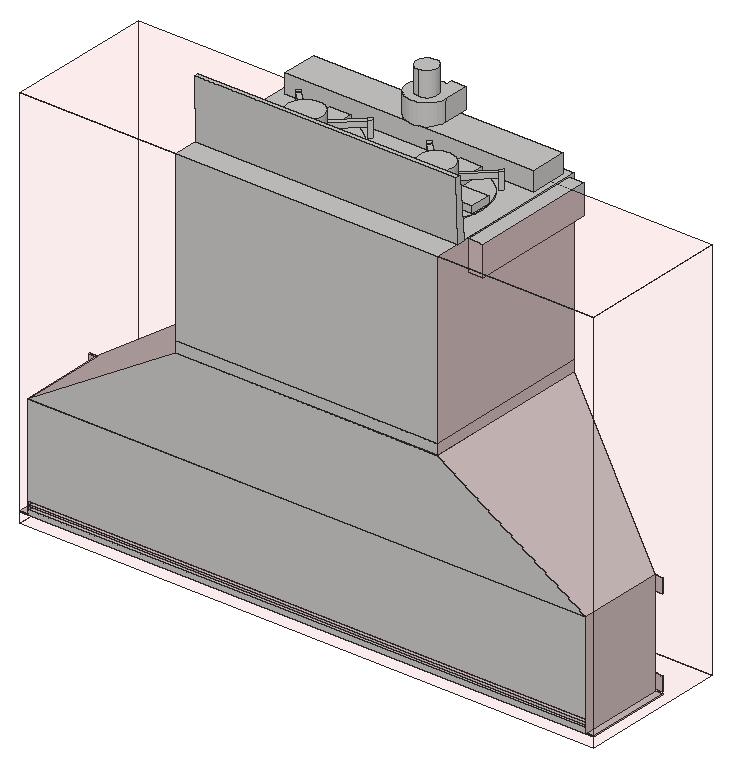
Revit family "Air-Curtain_Climate-Control_PoweredAire_TIG-1Heater", category Mechanical Equipment, host Face, Revit 2026
Family settings
  Host = Face
  Round Connector Dimension = Use Diameter
  Part Type = Normal
  Classification Number = 23.75.35.17.21
  Cut with Voids When Loaded = No
  Maintain Annotation Orientation = No
  Shared = No
  Room Calculation Point = No
Parameters (values of type "108'' Nozzle")
  upperrotation [instance] = 0.00°
  lowerrotation [instance] = 0.00°
  locateupperpipe [instance] = 0' - 0"
  locatelowerpipe [instance] = 0' - 0"
  Warranty Duration (Years) = 0
  Unit Width Notes = "Other Widths available."  # constant formula
  Unit Width = 9' - 3 5/32"
  Unit Weight = 640
  Unit Height = 1' - 4 3/4"
  Unit Depth = 1' - 8 1/4"
  URL = "http://www.poweredaire.com/"
  Test Data = ""
  Standards Conformance = "ETL  ;  Made in USA"
  Specification = "http://www.arcat.com/sdspecs/htm04/23_34_33pai.htm"
  SpecWizard = ""
  Sound Pressure = ">63 dBA"
  Sales Information = "http://www.poweredaire.com/contact_us"
  Revision = "R1_2016-08"
  Projection from Host [instance] = 0' - 2"
  Product Properties = ""
  Product Data = "http://www.arcat.com/arcatcos/cos47/arc47623.html"
  Power Rating = 0 W
  Piping_Water Flow [instance] = 0 GPM
  Piping_Operating Pressure [instance] = 0.00 psi
  Piping_Exit Temperature [instance] = 0 °F
  Piping_Entry Temperature [instance] = 0 °F
  Pipe OD [instance] = 5/8"
  Overall Depth = 6' - 0 3/4"
  Nozzle Width = if(1 = 1, Unit Width - 0' 3", 0' 0")  # 9' - 0 5/32"
  Mounting Width = if(1 = 1, Unit Width - 0' 1 1/2", 0' 0")  # 9' - 1 21/32"
  Mounting Height [instance] = 3' - 6"
  Motor RPM = 1630
  Motor HP = 0.75
  Motor Count = 3
  Model = "TIG-3-108"
  Max Height = 12' - 0"
  Manufacturer Website = "http://www.poweredaire.com/"
  Manufacturer Phone - Toll Free = "888-321-2473"
  Manufacturer Phone = "724-588-3305"
  Manufacturer Fax = "724-588-3371"
  Manufacturer Address = "109 Mortensen Rd.  Greenville, PA 16125"
  Manufacturer = "Powered Aire, Inc"
  Maintenance Schedule (Months) = 0
  Keynote = "23 34 33"
  Installation-Fabrication = ""
  Installation Phase = ""
  Include Clearance [instance] = yes
  Heating Element Load = 0 W
  Heater Weight = 0
  Heater Hanging Width = 4' - 0 5/8"
  Heater Finish [instance] = Metal - Steel - PoweredAire - Stainless 304
  HVAC_Temperature Rise = 34 °F
  HVAC_Primary CFM = 0 CFM
  HVAC_Outlet Volume = 7600 CFM
  HVAC_Outlet Velocity Uniformity = 0.92
  HVAC_Outlet Velocity = 3700 FPM
  HVAC_Exit Temperature [instance] = 0 °F
  HVAC_BTU Output = 280000.0 Btu/h
  HVAC_BTU Input = 105000.0 Btu/h
  Green Building-LEED = "http://www.arcat.com/green/clients/leed_data_47623.html"
  Gas Connection Diameter [instance] = 0"
  Frame Finish [instance] = Metal - Steel - PoweredAire - Stainless 304
  Expected Lifespan (Years) = 0
  Exhaust Connection Diameter = 0' - 6"
  Electrical_Wattage [instance] = Power Rating + Heating Element Load  # 0 W
  Electrical_Voltage [instance] = 0 V
  Electrical_Phase [instance] = 1
  Electrical_Frequency [instance] = 0 Hz
  Electrical_Amperage [instance] = 0 A
  Drawn By = "Sumex Design, Inc. / Robert S. Weygant, CSI, CDT, SCIP"
  Description = "Powered Aire Indirect Gas Heated Climate Control Air Curtain - TIG-3-108 as Specified"
  Default Elevation = 0' - 0"  # constant formula
  Copyright = "©Arcat Inc."
  Construction Details = "http://www.arcat.com/details/powair/prod3336.html"
  Clearance_Top [instance] = 1' - 0"
  Clearance_Side B [instance] = 0' - 0"
  Clearance_Side A [instance] = 0' - 0"
  Clearance_Intake [instance] = 0' - 0"
  Clearance_Bottom [instance] = 0' - 0"
  Clearance Material [instance] = ARCAT Clearance
  Building Codes = ""
  Available Options [instance] = "as Specified"
  Assembly Code = "D3090400"
Types (7): name | Unit Width | Unit Weight | Sound Pressure | Nozzle Width | Mounting Width | Motor Count | Model | Heater Hanging Width | HVAC_Temperature Rise | HVAC_Outlet Volume | HVAC_Outlet Velocity Uniformity | HVAC_Outlet Velocity | HVAC_BTU Output | HVAC_BTU Input | Exhaust Connection Diameter | Description
  108'' Nozzle | 9' - 3 5/32" | 640 | ">63 dBA" | 9' - 0 5/32" | 9' - 1 21/32" | 3 | "TIG-3-108" | 4' - 0 5/8" | 34 °F | 7600 CFM | 0.92 | 3700 FPM | 280000.0 Btu/h | 105000.0 Btu/h | 0' - 6" | "Powered Aire Indirect Gas Heated Climate Control Air Curtain - TIG-3-108 as Specified"
  96'' Nozzle | 8' - 3 1/16" | 570 | ">63 dBA" | 8' - 0 1/16" | 8' - 1 9/16" | 2 | "TIG-2-96" | 2' - 6 5/8" | 36 °F | 5100 CFM | 0.92 | 2800 FPM | 200000.0 Btu/h | 50000.0 Btu/h | 0' - 5" | "Powered Aire Indirect Gas Heated Climate Control Air Curtain - TIG-2-96 as Specified"
  84'' Nozzle | 7' - 3 1/16" | 530 | ">63 dBA" | 7' - 0 1/16" | 7' - 1 9/16" | 2 | "TIG-2-84" | 2' - 6 5/8" | 37 °F | 5100 CFM | 0.93 | 3200 FPM | 200000.0 Btu/h | 50000.0 Btu/h | 0' - 5" | "Powered Aire Indirect Gas Heated Climate Control Air Curtain - TIG-2-84 as Specified"
  72'' Nozzle | 6' - 3 1/16" | 500 | ">63 dBA" | 6' - 0 1/16" | 6' - 1 9/16" | 2 | "TIG-2-72" | 2' - 6 5/8" | 36 °F | 5100 CFM | 0.95 | 3700 FPM | 200000.0 Btu/h | 50000.0 Btu/h | 0' - 5" | "Powered Aire Indirect Gas Heated Climate Control Air Curtain - TIG-2-72 as Specified"
  60'' Nozzle | 5' - 3" | 340 | "63 dBA" | 5' - 0" | 5' - 1 1/2" | 1 | "TIG-1-60" | 1' - 6 5/8" | 44 °F | 2500 CFM | 0.91 | 2200 FPM | 120000.0 Btu/h | 150000.0 Btu/h | 0' - 5" | "Powered Aire Indirect Gas Heated Climate Control Air Curtain - TIG-1-60 as Specified"
  48'' Nozzle | 4' - 3" | 280 | "63 dBA" | 4' - 0" | 4' - 1 1/2" | 1 | "TIG-1-48" | 1' - 6 5/8" | 43 °F | 2600 CFM | 0.92 | 2800 FPM | 120000.0 Btu/h | 150000.0 Btu/h | 0' - 5" | "Powered Aire Indirect Gas Heated Climate Control Air Curtain - TIG-1-48 as Specified"
  36'' Nozzle | 3' - 3" | 250 | "63 dBA" | 3' - 0" | 3' - 1 1/2" | 1 | "TIG-1-36" | 1' - 6 5/8" | 44 °F | 2500 CFM | 0.95 | 3700 FPM | 120000.0 Btu/h | 150000.0 Btu/h | 0' - 5" | "Powered Aire Indirect Gas Heated Climate Control Air Curtain - TIG-1-36 as Specified"
Reference planes (in)
  plane 1 "Center (Elevation)": y = 0.13818
  plane 2: z = 0
  plane 3 "Center (Left/Right)": x = 0
  plane 4 "Top": y = 8.51318
  plane 5: y = -8.23682
  plane 6: x = -55.57812
  plane 7: x = 55.57813
  plane 8 "Front": z = 22.25
  plane 9 "FF": y = -41.86182
  plane 10: z = 2
  plane 11: x = 54.07813
  plane 12: x = -54.07812
  plane 13: y = 20.51318
  plane 14: y = -8.23682
  plane 15: x = -55.57812
  plane 16: x = 55.57813
  plane 17: z = 74.75
  plane 18: x = 54.01563
  plane 19: x = -54.01562
  plane 20: x = 54.07813
  plane 21: x = 54.07813
  plane 22: y = 6.01318
  plane 23: y = -5.73682
  plane 24: x = -24.3125
  plane 25: x = 24.3125
  plane 26: x = -25.375
  plane 27: x = 25.375
  plane 28: z = 74.75
  plane 29: z = 42.25
  plane 30: z = 40.25
Forms (in)
  Extrusion 1, solid, material "Metal - Steel - PoweredAire - Stainless 304" <- "Frame Finish"
    sketch origin (0, 0, 0) x (0, 1, 0) y (0, 0, 1)
      loop
        line (-8.23682, 2) -> (8.51318, 2) -> (8.51318, 22.25) -> (-8.23682, 22.25) -> (-8.23682, 2)
    from -54.07812 to 54.07812
  Extrusion 2, solid, material "ARCAT Clearance" <- "Clearance Material", visible <- "Include Clearance"
    sketch origin (0, 0, 0) x (0, 1, 0) y (0, 0, 1)
      loop
        line (-8.23682, 74.75) -> (-8.23682, 0) -> (20.51318, 0) -> (20.51318, 74.75) -> (-8.23682, 74.75)
    from -55.57812 to 55.57812
  Extrusion 3, solid, material "Metal - Steel - PoweredAire - Stainless 304" <- "Frame Finish"
    sketch origin (-15.17702, -180, 2) x (-1, 0, 0) y (0, -1, 0)
      loop
        line (-69.25515, -188.51318) -> (-69.25515, -171.76318) -> (-70.75515, -171.76318) -> (-70.75515, -188.51318) -> (-69.25515, -188.51318)
      loop
        line (38.9011, -188.51318) -> (40.4011, -188.51318) -> (40.4011, -171.76318) -> (38.9011, -171.76318) -> (38.9011, -188.51318)
    from 0 to 0.125
  Extrusion 4, solid, material "Metal - Steel - PoweredAire - Stainless 304" <- "Frame Finish"
    sketch origin (-11.83813, 8.51318, 48) x (-1, 0, 0) y (0, 0, 1)
      loop
        line (-65.91625, -45.5) -> (-65.91625, -42.75) -> (-67.41625, -42.75) -> (-67.41625, -45.5) -> (-65.91625, -45.5)
      loop
        line (-65.91625, -28.5) -> (-65.91625, -25.75) -> (-67.41625, -25.75) -> (-67.41625, -28.5) -> (-65.91625, -28.5)
      loop
        line (42.24, -45.5) -> (43.74, -45.5) -> (43.74, -42.75) -> (42.24, -42.75) -> (42.24, -45.5)
      loop
        line (42.24, -28.5) -> (43.74, -28.5) -> (43.74, -25.75) -> (42.24, -25.75) -> (42.24, -28.5)
    from 0 to -0.125
  Extrusion 5, void
    sketch origin (0, 0, 0) x (0, 1, 0) y (0, 0, 1)
      loop
        line (-8.23682, 3) -> (-7.23682, 3) -> (-7.23682, 4.5) -> (-8.23682, 4.5) -> (-8.23682, 3.82425) -> (-7.38364, 3.82425) -> (-7.38364, 3.57425) -> (-8.23682, 3.57425) -> (-8.23682, 3)
    from -54.01562 to 54.01562
  Blend 6, solid, material "Metal - Steel - PoweredAire - Stainless 304" <- "Frame Finish"
    base sketch origin (-15.17702, -180, 22.25) x (-1, 0, 0) y (0, -1, 0)
      loop
        line (38.9011, -188.51318) -> (38.9011, -171.76318) -> (-69.25515, -171.76318) -> (-69.25515, -188.51318) -> (38.9011, -188.51318)
    top sketch origin (-15.17702, -180, 22.25) x (-1, 0, 0) y (0, -1, 0)
      loop
        line (10.19798, -171.76318) -> (-40.55202, -171.76318) -> (-40.55202, -204.76318) -> (10.19798, -204.76318) -> (10.19798, -171.76318)
    from 0 to 18
Cuts and joins
  Extrusion 5 cuts Extrusion 1
Dimensions and locks (in)
  equal spacing: plane 4 "Top", plane 1 "Center (Elevation)", plane 5
  "Unit Height": plane 4 "Top" to plane 5
  equal spacing: plane 6, plane 3 "Center (Left/Right)", plane 7
  "Unit Width": plane 6 to plane 7
  "Mounting Height": plane 1 "Center (Elevation)" to plane 9 "FF"
  "Projection from Host": plane 10 to level
  "Unit Depth": plane 8 "Front" to plane 10
  locked: plane 6 to plane 12 at 1.5
  locked: plane 11 to plane 7 at 1.5
  "Clearance_Side A": plane 7 to plane 16
  "Clearance_Side B": plane 15 to plane 6
  "Clearance_Top": plane 13 to plane 4 "Top"
  "Clearance_Bottom": plane 5 to plane 14
  "Clearance_Intake": plane 17 to plane 28
  Extrusion 5 sketch curve to Extrusion 5 sketch curve to Extrusion 5 sketch curve to Extrusion 5 sketch curve to plane 10 = 0' - 0.67575" locked, 0' - 0 1/4" locked, 0' - 0.57425" locked, 0' - 1" locked
  plane 5 to Extrusion 5 sketch curve to Extrusion 5 sketch curve = 0' - 0.85319" locked, 0' - 0.14681" locked
  locked: plane 19 to plane 12 at 0.0625
  locked: plane 11 to plane 18 at 0.0625
  "locateupperpipe": plane 20 to plane 11
  "locatelowerpipe": plane 21 to plane 11
  locked: plane 4 "Top" to plane 22 at 2.5
  locked: plane 23 to plane 5 at 2.5
  equal spacing: plane 24, plane 3 "Center (Left/Right)", plane 25
  "Heater Hanging Width": plane 24 to plane 25
  locked: plane 25 to plane 27 at 1.0625
  locked: plane 26 to plane 24 at 1.0625
  "Overall Depth": plane 28 to plane 10
  locked: plane 29 to plane 30 at 2
  locked: plane 28 to plane 29 at 32.5
  locked: Blend 6 sketch curve to plane 5 at 33
  Extrusion 4 sketch curve to Extrusion 4 sketch curve to plane 10 = 0' - 2 3/4" locked, 0' - 0 1/2" locked  (x2)
  plane 8 "Front" to Extrusion 4 sketch curve to Extrusion 4 sketch curve = 0' - 0" locked, 0' - 2 3/4" locked  (x2)
  aligned and locked: plane 2 to host face
  aligned and locked: level to host face
  aligned and locked: Extrusion 2 sketch curve to plane 17
  aligned and locked: plane 14 to Extrusion 2 sketch curve
  aligned and locked: level to Extrusion 2 sketch curve
  aligned and locked: Extrusion 2 sketch curve to plane 13
  aligned and locked: plane 16 to Extrusion 2
  aligned and locked: Extrusion 2 to plane 15
  aligned and locked: plane 11 to Extrusion 1
  aligned and locked: Extrusion 1 to plane 12
  aligned and locked: Extrusion 1 sketch curve to plane 8 "Front"
  aligned and locked: plane 28 to nested 1
  aligned and locked: Blend 6 sketch curve to plane 5  (x2)
  aligned and locked: plane 12 to Blend 6 sketch curve
  aligned and locked: Blend 6 sketch curve to plane 11
  aligned and locked: Blend 6 sketch curve to plane 4 "Top"
  aligned and locked: Blend 6 sketch curve to plane 26
  aligned and locked: plane 27 to Blend 6 sketch curve
  aligned and locked: plane 30 to Blend 6
  aligned and locked: plane 3 "Center (Left/Right)" to nested 1
  aligned and locked: plane 18 to cut or joined group of Extrusion 1, Extrusion 5
  aligned and locked: cut or joined group of Extrusion 1, Extrusion 5 to plane 19
Automatic sketch dimensions
  host sketch curve to host sketch curve = 8' - 0"  (x2)
  plane 4 "Top" to Extrusion 3 sketch curve = 0' - 0"
  Extrusion 3 sketch curve to plane 7 = 0' - 0"
  plane 5 to Extrusion 3 sketch curve = 0' - 0"
  Extrusion 3 sketch curve to plane 11 = 0' - 0"
  Extrusion 3 sketch curve to plane 4 "Top" = 0' - 0"
  Extrusion 3 sketch curve to plane 12 = 0' - 0"
  Extrusion 3 sketch curve to plane 6 = 0' - 0"
  Extrusion 3 sketch curve to plane 5 = 0' - 0"
  Extrusion 4 sketch curve to plane 7 = 0' - 0"  (x2)
  Extrusion 4 sketch curve to plane 11 = 0' - 0"  (x2)
  Extrusion 4 sketch curve to plane 12 = 0' - 0"  (x2)
  Extrusion 4 sketch curve to plane 6 = 0' - 0"  (x2)
  Extrusion 5 sketch curve to plane 5 = 0' - 0"  (x2)
  Extrusion 1 sketch curve to plane 5 = 0' - 0"
  Extrusion 1 sketch curve to plane 4 "Top" = 0' - 0"
  Extrusion 1 sketch curve to plane 10 = 0' - 0"
Nested families (in)
  nested 1: "Heater" at (0, -8.23682, 42.2987) x (1, 0, 0) z (0, 1, 0), finish <- "Heater Finish", burner width <- "Heater Hanging Width", type "Heater"
    with finish Metal - Steel - PoweredAire - Stainless 304, burner width 4' - 0 5/8", Two Fan yes, One Fan no
Connectors (in)
  electrical at (-54.07812, 0.13818, 12.125), driven by "Electrical_Voltage", driven by "Electrical_Phase"
    settings: on cut or joined group of Extrusion 1, Extrusion 5, index 3, voltage 0 V, apparent load 0 VA, apparent load phase1 0 VA, apparent load phase2 0 VA, apparent load phase3 0 VA, power factor 1, load classification "Motor", number of poles 1, system type 31, power factor state 1, is connector primary yes, connector utility no, sub classification motor no, connector description ""
  hvac at (3, 24.76318, 80.40625), driven by "Exhaust Connection Diameter", driven by "HVAC_Primary CFM"
    settings: on nested 1, index 4, duct flow 0 CFM, flow factor 0, pres drop 0.00 in-wg, loss coef 0, conn angle 0.00°, conn width 12", conn height 12", conn diameter 6", duct sys type 3, conn prof type 0, flow config 0, flow direction 2, loss method 0, conn ref index -1, conn util no, is conn primary yes, conn desc ""
Definition of nested family "Heater"
  Parameters
    finish [instance] = none
    burner width [instance] = 4' - 0 5/8"
    burner depth = 3' - 8 3/4"
    Two Fan [instance] = burner width > 4' 0"  # yes
    One Fan [instance] = burner width < 4' 0"  # no
    Default Elevation = 0' - 0"  # constant formula
  Reference planes (in)
    plane 1 "Center (Front/Back)": y = 0
    plane 2: z = 0
    plane 3 "Center (Left/Right)": x = 0
    plane 4: x = -25.375
    plane 5: x = 25.375
    plane 6: z = 33
    plane 7: y = -44.75
    plane 8: x = 3
    plane 9: x = 4.375
    plane 10: x = -12.6875
    plane 11: x = 12.6875
    plane 12: z = 15.5
    plane 13: x = -24.3125
    plane 14: x = 24.3125
  Forms (in)
    Extrusion 1, solid, material <- "finish"
      sketch origin (-74.94554, -3, 38.65968) x (0, 0, 1) y (1, 0, 0)
        loop
          line (-5.65968, 49.57054) -> (-5.65968, 100.32054) -> (-38.65968, 100.32054) -> (-38.65968, 49.57054) -> (-5.65968, 49.57054)
      from 3 to -29.4513
    Extrusion 2, solid, material <- "finish"
      sketch origin (0, 0, 0) x (0, 1, 0) y (0, 0, 1)
        loop
          line (2, 0) -> (2, 33) -> (0, 33) -> (0, 0) -> (2, 0)
      from -25.375 to 25.375
    Extrusion 3, solid, material <- "finish"
      sketch origin (-74.94554, -32.4513, 38.65968) x (0, 0, 1) y (1, 0, 0)
        loop
          line (-6.91591, 50.82971) -> (-6.91591, 99.10844) -> (-13.91591, 99.10844) -> (-13.91591, 50.82971) -> (-6.91591, 50.82971)
      from 0 to -3.625
    Extrusion 4, solid, material <- "finish"
      sketch origin (-74.94554, -36.0763, 38.65968) x (0, 0, 1) y (1, 0, 0)
        loop
          arc (-10.4052, 79.32054) -> (-12.67312, 72.60509) -> (-6.79809, 76.57054) r 3.74068
          line (-6.79809, 76.57054) -> (-5.65968, 76.57054) -> (-5.65968, 79.32054) -> (-10.4052, 79.32054)
      from 0 to -4.0625
    Extrusion 5, solid, material <- "finish"
      sketch origin (-73.58006, -40.1388, 35.52564) x (0, 0, -1) y (1, 0, 0)
        loop
          circle (7.27116, 74.21438) r 2
      from 4.6112 to 0
    Extrusion 6, solid, material <- "finish"
      sketch origin (0, 0, 0) x (1, 0, 0) y (0, 1, 0)
        loop
          line (28.3125, -32.4513) -> (28.3125, -26.7013) -> (25.3125, -26.7013) -> (25.3125, -32.4513) -> (28.3125, -32.4513)
      from 7.25 to 31.75
    Extrusion 7, solid, material <- "finish", visible <- "Two Fan"
      sketch origin (0, 0, 0) x (0, 1, 0) y (0, 0, 1)
        loop
          line (-32.4513, 6.22268) -> (-44.15658, 5.1986) -> (-44.15658, 4.4486) -> (-32.4513, 4.85736) -> (-32.4513, 6.22268)
      from -25.375 to 25.375
  Dimensions and locks (in)
    locked: Extrusion 4 sketch curve to Extrusion 4 sketch curve at 2.75
    "burner width": plane 13 to plane 14
    locked: plane 6 to level at 33
    "burner depth": plane 7 to plane 1 "Center (Front/Back)"
    locked: plane 8 to plane 9 at 1.375
    Extrusion 4 sketch curve to Extrusion 4 sketch curve to plane 8 = 0' - 0.99068" locked, 0' - 1 3/8" locked
    locked: Extrusion 5 sketch curve to plane 8 at 2.36568
    locked: plane 8 to plane 3 "Center (Left/Right)" at 3
    Extrusion 6 sketch curve to plane 5 to Extrusion 6 sketch curve = 0' - 0 1/16" locked, 0' - 2 15/16" locked
    equal spacing: plane 5, plane 11, plane 3 "Center (Left/Right)", plane 10, plane 4
    locked: plane 4 to plane 13 at 1.0625
    locked: plane 14 to plane 5 at 1.0625
    aligned and locked: plane 2 to level
    aligned: Extrusion 4 to Extrusion 5
    aligned: Extrusion 3 to Extrusion 2  (x2)
    aligned and locked: plane 7 to Extrusion 5
    aligned and locked: plane 4 to Extrusion 1 sketch curve
    aligned and locked: Extrusion 1 sketch curve to plane 5
    aligned and locked: Extrusion 7 to plane 4
    aligned and locked: plane 5 to Extrusion 7
    aligned and locked: plane 12 to nested 1
    aligned and locked: plane 3 "Center (Left/Right)" to nested 1
    aligned and locked: plane 12 to nested 3
    aligned and locked: plane 11 to nested 3
    aligned and locked: plane 10 to nested 2
    aligned and locked: plane 12 to nested 2
    aligned and locked: plane 5 to Extrusion 2
    aligned and locked: Extrusion 2 to plane 4
  Automatic sketch dimensions
    Extrusion 1 to Extrusion 3 sketch curve = 0' - 1.25917"
    Extrusion 1 to Extrusion 3 sketch curve = 0' - 8.25624"
    Extrusion 1 to Extrusion 3 sketch curve = 0' - 1.2121"
    Extrusion 1 to Extrusion 3 sketch curve = 0' - 1.25624"
    Extrusion 4 sketch curve to Extrusion 3 = 0' - 0.11782"
    Extrusion 4 sketch curve to Extrusion 3 = 0' - 1.25624"
    Extrusion 5 sketch curve to Extrusion 4 = 0' - 4.74552"
    Extrusion 1 sketch curve to level = 0' - 0"
    Extrusion 1 sketch curve to plane 6 = 0' - 0"
    Extrusion 2 sketch curve to level = 0' - 0"
    Extrusion 2 sketch curve to plane 1 "Center (Front/Back)" = 0' - 0"
    Extrusion 2 sketch curve to plane 6 = 0' - 0"
    Extrusion 2 sketch curve to Extrusion 2 sketch curve = 0' - 2"
    Extrusion 6 sketch curve to plane 7 = 1' - 0.2987"
    Extrusion 6 sketch curve to Extrusion 6 sketch curve = 0' - 5 3/4"
    Extrusion 7 sketch curve to plane 7 = 0' - 0.59342"
    level to Extrusion 7 sketch curve = 0' - 4.4486"
    Extrusion 7 sketch curve to Extrusion 7 sketch curve = 0' - 0 3/4"
    level to Extrusion 7 sketch curve = 0' - 4.85736"
    Extrusion 7 sketch curve to Extrusion 7 sketch curve = 0' - 11.70529"
    Extrusion 7 sketch curve to Extrusion 7 sketch curve = 0' - 1.36532"
    radius of Extrusion 5 sketch curve = 0' - 2"
  Nested families (in)
    nested 1: "FanControls" at (0, -32.4513, 15.5) x (1, 0, 0) z (0, -1, 0), finish <- "finish", visible <- "One Fan", type "FanControls"
      with finish none
    nested 2: "FanControls" at (-12.6875, -32.4513, 15.5) x (1, 0, 0) z (0, -1, 0), finish <- "finish", visible <- "Two Fan", type "FanControls"
      with finish none
    nested 3: "FanControls" at (12.6875, -32.4513, 15.5) x (1, 0, 0) z (0, -1, 0), finish <- "finish", visible <- "Two Fan", type "FanControls"
      with finish none
  Definition of nested family "FanControls"
    Parameters
      finish [instance] = none
      Default Elevation = 4' - 0"
    Reference planes (in)
      plane 1 "Center (Front/Back)": y = 0
      plane 2: z = 0
      plane 3 "Center (Left/Right)": x = 0
    Forms (in)
      Extrusion 1, solid, material <- "finish"
        sketch origin (-75.00804, 32.07233, 0) x (1, 0, 0) y (0, -1, 0)
          loop
            circle (75.00804, 32.07233) r 3.25
        from -5.33075 to 0
      Extrusion 2, solid, material <- "finish"
        sketch origin (24.44581, -78.06044, 0) x (1, 0, 0) y (0, -1, 0)
          loop
            line (-22.50831, -86.58776) -> (-22.50831, -81.58776) -> (-26.50831, -81.58776) -> (-26.50831, -86.58776) -> (-22.50831, -86.58776)
          loop
            line (-22.50831, -69.53312) -> (-26.50831, -69.53312) -> (-26.50831, -74.53312) -> (-22.50831, -74.53312) -> (-22.50831, -69.53312)
          loop
            line (-15.98099, -76.06044) -> (-20.98099, -76.06044) -> (-20.98099, -80.06044) -> (-15.98099, -80.06044) -> (-15.98099, -76.06044)
          loop
            line (-33.03563, -76.06044) -> (-33.03563, -80.06044) -> (-28.03563, -80.06044) -> (-28.03563, -76.06044) -> (-33.03563, -76.06044)
        from 0 to -1.37288
      Extrusion 3, solid, material <- "finish"
        sketch origin (-75.00804, 21.40968, 0) x (1, 0, 0) y (0, -1, 0)
          loop
            line (68.02536, 14.95733) -> (68.55569, 14.427) -> (75.00804, 20.87935) -> (81.46039, 14.427) -> (81.99072, 14.95733) -> (75.53837, 21.40968) -> (81.99072, 27.86203) -> (81.46039, 28.39236) -> (75.00804, 21.94001) -> (68.55569, 28.39236) -> (68.02536, 27.86203) -> (74.47771, 21.40968) -> (68.02536, 14.95733)
        from -3.1123 to -2
      Extrusion 4, solid, material <- "finish"
        sketch origin (-75.00804, 21.40968, 0) x (1, 0, 0) y (0, -1, 0)
          loop
            line (68.02536, 13.89667) -> (68.55569, 14.427) -> (68.02536, 14.95733) -> (67.49503, 14.427) -> (68.02536, 13.89667)
          loop
            line (82.52105, 14.427) -> (81.99072, 14.95733) -> (81.46039, 14.427) -> (81.99072, 13.89667) -> (82.52105, 14.427)
          loop
            line (81.99072, 28.92269) -> (81.46039, 28.39236) -> (81.99072, 27.86203) -> (82.52105, 28.39236) -> (81.99072, 28.92269)
          loop
            line (67.49503, 28.39236) -> (68.02536, 27.86203) -> (68.55569, 28.39236) -> (68.02536, 28.92269) -> (67.49503, 28.39236)
        from 0 to -3.1123
      Extrusion 5, solid, material <- "finish"
        sketch origin (0, 0, 0) x (1, 0, 0) y (0, 1, 0)
          loop
            circle (0, 0) r 9
        from 0 to 0.14961
    Dimensions and locks (in)
      Extrusion 4 sketch curve to Extrusion 4 sketch curve to Extrusion 4 sketch curve to Extrusion 4 sketch curve = 0' - 0.53033" locked, 0' - 0" locked, 0' - 0.53033" locked  (x4)
      Extrusion 3 sketch curve to Extrusion 3 sketch curve to Extrusion 3 sketch curve to Extrusion 3 sketch curve to Extrusion 3 sketch curve = 0' - 5.92202" locked, 0' - 0" locked, 0' - 0.53033" locked, 0' - 0" locked
      Extrusion 3 sketch curve to Extrusion 3 sketch curve to Extrusion 3 sketch curve to Extrusion 3 sketch curve to Extrusion 3 sketch curve = 0' - 0" locked, 0' - 0.53033" locked, 0' - 0" locked, 0' - 5.92202" locked
      locked: Extrusion 2 sketch curve to Extrusion 2 sketch curve at 5  (x2)
      aligned and locked: plane 2 to level
